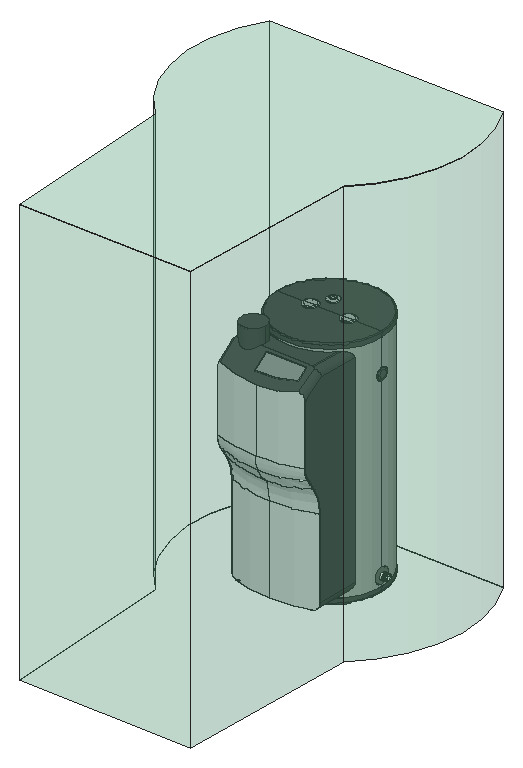
Revit family "Innovo FR_IR 20 200 FR LP", category Mechanical Equipment, Revit 2015
Parameters (values of type "IR-20-200 FR LP")
  largeur d'emballage = 786 mm  # constant formula
  l'Intervalle d'Entretien = "12 mois"  # constant formula
  Workspace Radius = Diameter + 170 mm  # 730 mm
  Workspace Height = Hauteur + 1000 mm  # 2270 mm
  Workspace Front Distance = 1000 mm
  Workspace [instance] = yes
  Valve Height 02 = if(and(Hauteur = 1745 mm, Diameter = 675 mm), 1518 mm, if(and(Hauteur = 1745 mm, Diameter = 610 mm), 1534 mm, if(Hauteur = 1545 mm, 1328 mm, 1070 mm)))  # 1070 mm
  Valve Height 01 = if(and(Diameter > 560 mm), 693 mm, 604 mm)  # 604 mm
  Valeur Maximale du Thermostat de Régulation = 85 °C  # constant formula
  Valeur Manimale du Thermostat de Régulation = 40 °C  # constant formula
  Valeur Défaut du Thermostat de Régulation = 65 °C  # constant formula
  URL = "www.aosmith.fr"
  Type d'Installation = "B23/C13/C33/C43/C53/C63"  # constant formula
  Type d'emballage = "Carton et bois"  # constant formula
  Tension d'Alimentation (-15%, +10%) = 230 V  # constant formula
  Température Maximale des Fumées = 45 °C
  Temps de réchauffement à ΔT = 70°C = "42"
  Temps de réchauffement à ΔT = 55°C = "34"
  Temps de réchauffement à ΔT = 50°C = "31"
  Temps de réchauffement à ΔT = 44°C = "27"
  Temps de réchauffement à ΔT = 28°C = "17"
  Spécifications du Produit = ""
  Réglages du thermostat du chauffe-eau = 65 °C  # constant formula
  Réglage Standard Pour = "G31"
  Rendement Saisonnier (Hs) = [Rendement (Hs, acc. NEN-EN 89 - 1999)]  # 96
  Rendement (Hs, acc. NEN-EN 89 - 1999) = 96
  Rendement (Hi, acc. NEN-EN 89 - 1999) = 107
  Raccord Évacuation de la Condensation = 40 mm  # constant formula
  Raccord de la Soupape de Vidange = 3/4"
  Raccord de Sortie d'Eau Chaude = 3/4"
  Raccord de Gaz = 15"  # constant formula
  Raccord d'Alimentation en Eau Froide = 3/4"  # constant formula
  Raccord Robinet de Vidange = 3/4"  # constant formula
  Puissance Électrique Absorbée (sommet) = 85 W
  Puissance Électrique Absorbée (nominal) = 25 W
  Profondeur d'emballage = 946 mm  # constant formula
  Profondeur = 780 mm  # constant formula
  Profils de soutirage déclaré = "XL"
  Production Nominale = "11400.0"
  Pression de Fonctionnement Maximale = 800000.0 Pa  # constant formula
  Pression Différentielle d'Ouverture de l'Interrupteur de Pression < = 115.0 Pa
  Pression Amont de Gaz = "3700 Pa"
  Precaustions during assembling, installation or maintenance = "voir Manuel d'installation, d'emploi er d'entretien"  # constant formula
  Poids à vide = 95 kg
  Poids de Transport = 114 kg
  Phase = 1
  Pertes en Veille - tous les jours (24h) = 0 W
  Pertes en Veille = 0 W
  Nombre de modèle du produit (EAN) = "8717449285920"
  Niveau du Son dB (A) = "<45"  # constant formula
  Niveau de puissance acoustique à l'intérieur = "41 dB"
  NOx-émissions mg/kWh = "23"
  NOx-émissions (ven air, 0% O2) ppm = "14"
  Modèdele = "IR-12-160"
  Model = "IR-12-160 FR LP"
  Marque commerciale = "A.O. Smith"  # constant formula
  Manufacturer = "A.O. Smith Water Products Company b.v."  # constant formula
  Largeur = Diameter  # 560 mm
  La commande intelligente = no
  L'efficacité énergétique pour le chauffage de l'eau (2) = "-"
  L'efficacité énergétique pour le chauffage de l'eau (1) = "92%"
  Hauteur du Raccordement au Gaz = 860 mm
  Hauteur de la Sortie d'eau Chaude = 1270 mm
  Hauteur de l'Alimentation en eau Froide = 170 mm
  Hauteur d'emballage = 1465 mm
  Hauteur Conduit d'Évacuation des Fumées = 1295 mm
  Hauteur Conduit d'Alimentation en Air = 1295 mm
  Hauteur = 1270 mm
  Guide de Produit = ""
  Garantie sur la Cuve = "36 mois"  # constant formula
  Garantie Pièces = "12 mois"  # constant formula
  Fréquence secteur = 50 Hz  # constant formula
  Forctionner qu'en heures creuses = no
  Fabricant No. = "E 7110"  # constant formula
  Epaisseur d'Isolation = 50 mm
  Débit de vidage à ΔT = 70°C après 90 min. = 270.0 L
  Débit de vidage à ΔT = 70°C après 60 min. = 200.0 L
  Débit de vidage à ΔT = 70°C après 30 min. = 120.0 L
  Débit de vidage à ΔT = 70°C après 120 min. = 340.0 L
  Débit de vidage à ΔT = 55°C après 90 min. = 370.0 L
  Débit de vidage à ΔT = 55°C après 60 min. = 270.0 L
  Débit de vidage à ΔT = 55°C après 30 min. = 180.0 L
  Débit de vidage à ΔT = 55°C après 120 min. = 460.0 L
  Débit de vidage à ΔT = 50°C après 90 min. = 410.0 L
  Débit de vidage à ΔT = 50°C après 60 min. = 310.0 L
  Débit de vidage à ΔT = 50°C après 30 min. = 210.0 L
  Débit de vidage à ΔT = 50°C après 120 min. = 510.0 L
  Débit de vidage à ΔT = 44°C après 90 min. = 480.0 L
  Débit de vidage à ΔT = 44°C après 60 min. = 360.0 L
  Débit de vidage à ΔT = 44°C après 30 min. = 250.0 L
  Débit de vidage à ΔT = 44°C après 120 min. = 590.0 L
  Débit de vidage à ΔT = 28°C après 90 min. = 780.0 L
  Débit de vidage à ΔT = 28°C après 60 min. = 600.0 L
  Débit de vidage à ΔT = 28°C après 30 min. = 420.0 L
  Débit de vidage à ΔT = 28°C après 120 min. = 960.0 L
  Débit de vidage en Continu à ΔT = 70°C = 150.0 L/s
  Débit de vidage en Continu à ΔT = 55°C = 190.0 L/s
  Débit de vidage en Continu à ΔT = 50°C = 200.0 L/s
  Débit de vidage en Continu à ΔT = 44°C = 230.0 L/s
  Débit de vidage en Continu à ΔT = 28°C = 360.0 L/s
  Diamètre Cheminée - Système Parallèle = "2x80"  # constant formula
  Diamètre Cheminée - Système Concentrique = "80/125 mm/mm"  # constant formula
  Diamètre Cheminée - Boiler = "80/125 mm/mm"  # constant formula
  Diameter = 560 mm
  Destination / Country = "France"  # constant formula
  Description = "Préparateur ECS Solaire en Combinaison avec Réservoir de Stockage"  # constant formula
  D'autres profils de soutirage = "-"
  Created By = "http://www.cadcompany.nl/"
  Consommation de Gaz - Volume ltr/hr = "a/p"
  Consommation de Gaz - Masse kg/h = "0.80"
  Class d'efficacité énergétique (2) = "-"
  Class d'efficacité énergétique (1) = "A"  # constant formula
  Charge Nominale (Valeur Supérieure) = "11800.0"
  Charge Nominale (Valeur Inférieure) = "10900.0"
  Charge Maximale au Sol = 274 kg
  Catégorie de Gaz = "II2Esi3P"  # constant formula
  Capacité = 160.0 L
  CO2 Émissions (tol. +/- 1.0) vol% = "10"
  CE-PIN = "0063CQ3037"  # constant formula
  BIM Content Developer = "CAD & Company"  # constant formula
  Assembly Code = "D3010"
  Annual fuel consumption (2) = "-"
  Annual fuel consumption (1) = "16 GJ GCV"
  Annual electricity consumption (2) = "-"
  Annual electricity consumption (1) = "38 kWh"
  2ème Entretien (Entretien Général) = "12 mois après l'installation"  # constant formula
  1er Entretien (check-up) = "3 mois après l'installation"  # constant formula
Reference planes
  plane 1 "Center (Front/Back)": y = 0
  plane 2: z = 0
  plane 3 "Center (Left/Right)": x = 0
  plane 4 "Pipe": through (-383.901, 912.349, 194.799) normal (-0.0879, -0.0879, 0.9923)
  plane 5 "footing": y = 118.925
  plane 6 "footing front": y = -237.85
  plane 7: x = -280
  plane 8: x = 280
  plane 9: z = 1270
Forms (mm)
  Revolve 1, solid, material "RAL 9005", detail levels medium+fine
    sketch origin (0, -237.85, 0) x (-1, 0, 0) y (0, 0, 1)
      loop
        line (0, 28.9) -> (-15, 28.9) -> (-15, 26.4) -> (-8.671, 26.4) -> (-8.671, 18) -> (-5.686, 18) -> (-6.626, 17.06) -> (-6.626, 12.06) -> (-8.671, 12.06) -> (-8.671, 10) -> (-10.031, 10) -> (-23.271, 5.181)
        arc (-23.271, 5.181) -> (-23.763, 4.836) -> (-24.017, 4.293) r 1.159
        line (-24.017, 4.293) -> (-24.017, 1.03)
        arc (-24.017, 1.03) -> (-23.715, 0.302) -> (-22.986, 0) r 1.03
        line (-22.986, 0) -> (0, 0) -> (0, 28.9)
      axis (0, 28.9) -> (0, 0)
    angle from 0 to 360
  Revolve 2, solid, material "RAL 9005", detail levels medium+fine
    sketch origin (0, 118.925, 0) x (-1, 0, 0) y (0, 0, 1)
      loop
        line (-180.984, 28.9) -> (-195.984, 28.9) -> (-195.984, 26.4) -> (-189.655, 26.4) -> (-189.655, 18) -> (-186.67, 18) -> (-187.61, 17.06) -> (-187.61, 12.06) -> (-189.655, 12.06) -> (-189.655, 10) -> (-191.015, 10) -> (-204.256, 5.181)
        arc (-204.256, 5.181) -> (-204.747, 4.836) -> (-205.001, 4.293) r 1.159
        line (-205.001, 4.293) -> (-205.001, 1.03)
        arc (-205.001, 1.03) -> (-204.699, 0.302) -> (-203.971, 0) r 1.03
        line (-203.971, 0) -> (-180.984, 0) -> (-180.984, 28.9)
      axis (-180.984, 28.9) -> (-180.984, 0)
    angle from 0 to 360
  Revolve 3, solid, material "RAL 9005", detail levels medium+fine
    sketch origin (0, 118.925, 0) x (-1, 0, 0) y (0, 0, 1)
      loop
        line (179.016, 28.9) -> (164.016, 28.9) -> (164.016, 26.4) -> (170.345, 26.4) -> (170.345, 18) -> (173.33, 18) -> (172.39, 17.06) -> (172.39, 12.06) -> (170.345, 12.06) -> (170.345, 10) -> (168.985, 10) -> (155.744, 5.181)
        arc (155.744, 5.181) -> (155.253, 4.836) -> (154.999, 4.293) r 1.159
        line (154.999, 4.293) -> (154.999, 1.03)
        arc (154.999, 1.03) -> (155.301, 0.302) -> (156.029, 0) r 1.03
        line (156.029, 0) -> (179.016, 0) -> (179.016, 28.9)
      axis (179.016, 28.9) -> (179.016, 0)
    angle from 0 to 360
Lines and regions (mm)
  symbolic lines
    curve 1: line (0, 280.06, 0) -> (0, -280.06, 0)
    curve 2: line (-255.06, 0, 0) -> (255.06, 0, 0)
  symbolic lines, style "Workspace"
    curve 3: line (623.261, 380.06, 0) -> (-623.261, 380.06, 0)
    curve 4: arc (-623.261, 380.06, 0) -> (-726.942, -66.745, 0) -> (-543.632, -487.2, 0) r 730
    curve 5: line (-543.632, -487.2, 0) -> (-396.783, -1492.825, 0)
    curve 6: line (-396.783, -1492.825, 0) -> (399.03, -1492.825, 0)
    curve 7: line (399.03, -1492.825, 0) -> (545.76, -484.816, 0)
    curve 8: arc (545.76, -484.816, 0) -> (727.087, -65.154, 0) -> (623.261, 380.06, 0) r 730
Dimensions and locks
  plane 5 "footing" to plane 1 "Center (Front/Back)" = 118.925 mm
  plane 1 "Center (Front/Back)" to plane 6 "footing front" = 237.85 mm
  "Diameter": plane 7 to plane 8
  equal spacing: plane 7, plane 3 "Center (Left/Right)", plane 8
  "Hauteur": plane 9 to plane 2
  "Workspace Front Distance": curve 6 to nested 3
  "Workspace Radius": radius of curve 4
  "Workspace Radius": radius of curve 8
  aligned and locked: level to plane 2
  aligned and locked: nested 3 to Revolve 1 sketch curve
  aligned and locked: plane 3 "Center (Left/Right)" to Revolve 1 sketch curve
  aligned and locked: nested 3 to plane 1 "Center (Front/Back)"
  aligned and locked: plane 3 "Center (Left/Right)" to nested 3
  aligned and locked: nested 1 to plane 8
  aligned and locked: nested 5 to plane 8
  aligned and locked: nested 2 to plane 7
  aligned and locked: nested 4 to plane 7
  aligned and locked: nested 7 to plane 7
  aligned and locked: nested 8 to plane 3 "Center (Left/Right)"
  aligned and locked: nested 8 to nested 3
  aligned and locked: curve 3 to nested 8
Automatic sketch dimensions
  Revolve 1 sketch curve to level = 0 mm
  plane 3 "Center (Left/Right)" to Revolve 1 sketch curve = 5.686 mm
  Revolve 1 sketch curve to Revolve 1 sketch curve = 0.94 mm  (x2)
  Revolve 1 sketch curve to Revolve 1 sketch curve = 2.046 mm  (x2)
  Revolve 1 sketch curve to Revolve 1 sketch curve = 1.359 mm
  Revolve 1 sketch curve to Revolve 1 sketch curve = 6.329 mm
  level to Revolve 1 sketch curve = 4.091 mm
  Revolve 1 sketch curve to Revolve 1 sketch curve = 12.844 mm
  level to Revolve 1 sketch curve = 1.03 mm
  Revolve 1 sketch curve to Revolve 1 sketch curve = 0.111 mm
  level to Revolve 1 sketch curve = 5.181 mm
  Revolve 1 sketch curve to Revolve 1 sketch curve = 0.745 mm
  level to Revolve 1 sketch curve = 10 mm
  Revolve 1 sketch curve to Revolve 1 sketch curve = 2.06 mm
  Revolve 1 sketch curve to Revolve 1 sketch curve = 5 mm
  Revolve 1 sketch curve to Revolve 1 sketch curve = 8.4 mm
  Revolve 1 sketch curve to Revolve 1 sketch curve = 2.5 mm
  Revolve 1 sketch curve to level = 19.635 mm
  Revolve 1 sketch curve to Revolve 1 sketch curve = 46.465 mm
  Revolve 2 sketch curve to level = 0 mm
  level to Revolve 2 sketch curve = 1.03 mm
  Revolve 2 sketch curve to plane 8 = 74.999 mm
  level to Revolve 2 sketch curve = 5.181 mm
  Revolve 2 sketch curve to Revolve 2 sketch curve = 0.745 mm
  Revolve 2 sketch curve to Revolve 2 sketch curve = 0.397 mm
  Revolve 2 sketch curve to Revolve 2 sketch curve = 8.271 mm
  Revolve 2 sketch curve to Revolve 2 sketch curve = 13.241 mm
  Revolve 2 sketch curve to Revolve 2 sketch curve = 1.359 mm
  Revolve 2 sketch curve to Revolve 2 sketch curve = 6.329 mm
  Revolve 2 sketch curve to Revolve 2 sketch curve = 2.046 mm
  level to Revolve 2 sketch curve = 18 mm
  Revolve 2 sketch curve to Revolve 2 sketch curve = 0.94 mm  (x2)
  Revolve 2 sketch curve to Revolve 2 sketch curve = 8.671 mm
  Revolve 2 sketch curve to Revolve 2 sketch curve = 1.089 mm
  Revolve 2 sketch curve to Revolve 2 sketch curve = 8 mm
  Revolve 2 sketch curve to Revolve 2 sketch curve = 2.06 mm
  Revolve 2 sketch curve to Revolve 2 sketch curve = 8.4 mm
  Revolve 2 sketch curve to Revolve 2 sketch curve = 2.5 mm
  Revolve 2 sketch curve to Revolve 2 sketch curve = 0 mm
  Revolve 2 sketch curve to level = 19.635 mm
  Revolve 2 sketch curve to Revolve 2 sketch curve = 46.465 mm
  Revolve 3 sketch curve to level = 0 mm
  level to Revolve 3 sketch curve = 1.03 mm
  Revolve 3 sketch curve to plane 7 = 125.001 mm
  level to Revolve 3 sketch curve = 5.181 mm
  Revolve 3 sketch curve to Revolve 3 sketch curve = 0.745 mm
  Revolve 3 sketch curve to Revolve 3 sketch curve = 0.397 mm
  Revolve 3 sketch curve to Revolve 3 sketch curve = 8.271 mm
  Revolve 3 sketch curve to Revolve 3 sketch curve = 13.241 mm
  Revolve 3 sketch curve to Revolve 3 sketch curve = 1.359 mm
  Revolve 3 sketch curve to Revolve 3 sketch curve = 6.329 mm
  Revolve 3 sketch curve to Revolve 3 sketch curve = 2.046 mm
  level to Revolve 3 sketch curve = 18 mm
  Revolve 3 sketch curve to Revolve 3 sketch curve = 0.94 mm  (x2)
  Revolve 3 sketch curve to Revolve 3 sketch curve = 8.671 mm
  Revolve 3 sketch curve to Revolve 3 sketch curve = 1.089 mm
  Revolve 3 sketch curve to Revolve 3 sketch curve = 8 mm
  Revolve 3 sketch curve to Revolve 3 sketch curve = 2.06 mm
  Revolve 3 sketch curve to Revolve 3 sketch curve = 8.4 mm
  Revolve 3 sketch curve to Revolve 3 sketch curve = 2.5 mm
  Revolve 3 sketch curve to Revolve 3 sketch curve = 0 mm
  Revolve 3 sketch curve to level = 19.635 mm
  Revolve 3 sketch curve to Revolve 3 sketch curve = 46.465 mm
  curve 4 to curve 8 = 0 mm  (x2)
  plane 1 "Center (Front/Back)" to curve 2 = 0 mm
  curve 1 to plane 3 "Center (Left/Right)" = 0 mm
  plane 1 "Center (Front/Back)" to curve 4 = 0 mm
  curve 4 to plane 3 "Center (Left/Right)" = 0 mm
  curve 5 to plane 6 "footing front" = 249.35 mm
  plane 7 to curve 5 = 116.783 mm
  plane 8 to curve 7 = 119.03 mm
  curve 7 to plane 6 "footing front" = 246.966 mm
  curve 2 to plane 7 = 24.94 mm
  curve 2 to plane 8 = 24.94 mm
  curve 1 to plane 6 "footing front" = 42.21 mm
  plane 5 "footing" to curve 1 = 161.135 mm
Nested families
  nested 1: "Valve" at (280, -0.38, 1070) x (0, 1, 0) z (0, 0, 1), built-in parameter 1001364 <- "Valve Height 02", type "Valve"
  nested 2: "Drain Valve" at (-280, 0, 1070), built-in parameter 1001364 <- "Valve Height 02", type "Drain Valve"
  nested 3: "Housing Mother Housing S 57 (external)" at (0, -274.886, 0), type "Housing Mother_Housing S_57"
  nested 4: "Drain Valve" at (-280, 0, 177), type "Drain Valve"
  nested 5: "Drain Valve" at (280, 0, 107) x (-1, 0, 0) z (0, 0, 1), type "Drain Valve"
  nested 6: "Boiler" at (0, 0, 0), height <- "Hauteur", type "Boiler"
    with height 1270 mm
  nested 7: "Drain Valve" at (-280, 0, 604), built-in parameter 1001364 <- "Valve Height 01", type "Drain Valve"
  nested 8: "Innovo_workspace" at (0, 0, 0), Workspace Distance Front <- "Workspace Front Distance", Workspace <- "Workspace", Workspace Height <- "Workspace Height", Workspace Radius <- "Workspace Radius", type "Workspace"
    with Workspace Radius 730 mm, Workspace Height 2270 mm, Workspace Distance Front 1000 mm, Workspace yes, Center to Front 492.825 mm
Connectors
  piping at (314.826, 0, 107), diameter 19.05, driven by "Raccord Robinet de Vidange"
    settings: on nested 5, index 1, connector inside diameter 24", connector length 0 mm, flow factor 0, pipe flow 0.0 L/s, pressure drop 0.0 Pa, fitting loss kfactor 0, connector angle 0.00°, fixture units 0, engagement length 0 mm, angle of deflection 0.00°, flow configuration 0, flow direction 0, fitting loss method 0, system type 19, joint type 0, gender type 0, connector reference index -1, connector utility 0, adjustable connector no, is connector primary yes, connector description ""
  hvac at (-147.013, -321.326, 1310.674)
    settings: on nested 3, index 2, duct flow 0.0 L/s, flow factor 0, pres drop 0.0 Pa, loss coef 0, conn angle 0.00°, conn width 304.8 mm, conn height 304.8 mm, conn diameter 125 mm, duct sys type 4, conn prof type 0, flow config 0, flow direction 0, loss method 0, conn ref index -1, conn util no, is conn primary yes, conn desc ""
Definition of nested family "Valve"
  Parameters (values of type "Valve")
    Type Comments = "T&P valve (internal)"
    Manufacturer = "A.O. Smith"
  Reference planes
    plane 1 "Center (Front/Back)": y = 0
    plane 2: z = 0
    plane 3 "Center (Left/Right)": x = 0
  Forms (mm)
    Extrusion 1, solid, detail levels fine
      sketch origin (0, 0, 0) x (1, 0, 0) y (0, 0, 1)
        loop
          circle (0, 0) r 31.5
      from -2.271 to 1.4
    Sweep 2, solid, detail levels fine
      path origin (0, -1.4, 0) x (1, 0, 0) y (0, 0, 1)
        loop
          circle (0, 0) r 31.5
      profile origin (0, -1.4, 31.5) x (0, 0, -1) y (0, -1, 0)
        loop
          line (7.3, 0) -> (7.3, 3) -> (0, 0) -> (7.3, 0)
  Dimensions and locks
    aligned and locked: level to plane 2
Definition of nested family "Drain Valve"
  Reference planes
    plane 1 "Center (Front/Back)": y = 0
    plane 2: z = 0
    plane 3 "Center (Left/Right)": x = 0
  Forms (mm)
    Revolve 1, solid, detail levels medium+fine
      sketch origin (0, 0, 0) x (1, 0, 0) y (0, 0, 1)
        loop
          line (-33.442, 15.696) -> (-34.826, 14.329) -> (-34.93, 12.731) -> (-16.555, 12.731) -> (-16.555, 0) -> (15.787, 0) -> (15.787, 18.3) -> (-14.4, 18.3) -> (-17.148, 15.533) -> (-18.729, 16.697) -> (-20.091, 15.333) -> (-21.672, 16.496) -> (-23.034, 15.133) -> (-24.614, 16.296) -> (-25.976, 14.932) -> (-27.557, 16.096) -> (-28.919, 14.732) -> (-30.5, 15.896) -> (-31.862, 14.532) -> (-33.442, 15.696)
        axis (-34.93, 0) -> (15.787, 0)
      angle from 0 to 360
  Dimensions and locks
    aligned and locked: level to plane 2
  Nested families
    nested 1: "Rubber sealing" at (2.592, -0.155, 0) x (0.0023, -1, 0) z (0, 0, 1), type "Rubber sealing", detail levels fine
  Definition of nested family "Rubber sealing"
    Reference planes
      plane 1 "Center (Front/Back)": y = 0
      plane 2: z = 0
      plane 3 "Center (Left/Right)": x = 0
    Forms (mm)
      Extrusion 1, solid, detail levels fine
        sketch origin (141.861, 319.581, 0) x (1, 0, 0) y (0, 1, 0)
          loop
            line (-216.354, -311.898) -> (-216.354, -313.94)
            arc (-216.354, -313.94) -> (-141.602, -321.581) -> (-66.861, -313.835) r 366.966
            line (-66.861, -313.835) -> (-66.861, -311.791)
            arc (-66.861, -311.791) -> (-141.602, -319.581) -> (-216.354, -311.898) r 364.966
        from -80 to 80
      Extrusion 2, void
        sketch origin (141.861, 319.581, 0) x (1, 0, 0) y (0, 0, 1)
          loop
            circle (-141.861, 0) r 13
          loop
            circle (-141.861, 0) r 110
          loop
            circle (-141.861, 0) r 40
        from 311.563 to 332.684
      Extrusion 3, void
        sketch origin (141.861, 319.581, 0) x (1, 0, 0) y (0, 0, 1)
          loop
            circle (-141.861, 0) r 18.25
        from 315.524 to 326.084
    Cuts and joins
      Extrusion 2, Extrusion 3 cuts Extrusion 1
    Dimensions and locks
      aligned and locked: level to plane 2
Definition of nested family "Housing Mother Housing S 57 (external)"
  Parameters (values of type "Housing Mother_Housing S_57")
    radius [instance] = 280 mm
    distance to boiler center = if(diameter = 675 mm, 189 mm, if(diameter = 610 mm, 154 mm, 129 mm))  # 129 mm
    diameter = 560 mm
  Reference planes
    plane 1 "Center (Front/Back)": y = 0
    plane 2: z = 0
    plane 3 "Center (Left/Right)": x = 0
    plane 4 "left": through (-245.286, 145.886, 1200) normal (0.9994, 0.0349, 0)
    plane 5: y = -217.939
    plane 6: y = 145.886
    plane 7: z = 1232.6
    plane 8: z = 65.89
    plane 9 "right": through (245.286, 145.886, 1200) normal (0.9994, -0.0349, 0)
    plane 10 "display": through (0, -90.37, 1221.196) normal (0, -0.5736, 0.8192)
    plane 11 "Potentiostat": z = 867.899
    plane 12 "boiler center": y = 274.886
    plane 13: x = -280
    plane 14: x = 280
  Forms (mm)
    Extrusion 1, solid
      sketch origin (0, 0, 0) x (1, 0, 0) y (0, 1, 0)
        loop
          line (-245.286, 145.886) -> (-232.581, -217.939) -> (232.581, -217.939) -> (245.286, 145.886)
          arc (245.286, 145.886) -> (0, 0.923) -> (-245.286, 145.886) r 280
      from 0 to 1232.6
    Sweep 2, void
      path origin (0, 0, 0) x (0, 1, 0) y (0, 0, 1)
        loop
          line (-217.939, 1232.6) -> (-217.939, 795.555)
          arc (-217.939, 795.555) -> (-212.387, 754.285) -> (-197.694, 715.322) r 183.924
          arc (-197.694, 715.322) -> (-179.915, 684.628) -> (-159.106, 655.901) r 348.284
          arc (-159.106, 655.901) -> (-131.411, 600.328) -> (-121.88, 538.973) r 202.254
          line (-121.88, 538.973) -> (-121.88, 61.106)
      profile origin (0, -217.939, 1014.077) x (1, 0, 0) y (0, 1, 0)
        loop
          arc (0, 0) -> (-117.533, 9.941) -> (-231.728, 39.475) r 699.984
          arc (-231.728, 39.475) -> (-233.391, 40.705) -> (-234.07, 42.659) r 3.505
          line (-234.07, 42.659) -> (-254.062, 42.659) -> (-254.062, -142.593) -> (254.07, -142.593) -> (254.07, 42.659) -> (234.07, 42.659)
          arc (234.07, 42.659) -> (233.391, 40.705) -> (231.728, 39.475) r 3.505
          arc (231.728, 39.475) -> (117.533, 9.941) -> (0, 0) r 699.984
    Extrusion 3, void
      sketch origin (0, 0, 0) x (0, 1, 0) y (0, 0, 1)
        loop
          arc (102.864, 70.869) -> (99.804, 70.709) -> (96.874, 69.813) r 12.57
          arc (96.874, 69.813) -> (87.878, 66.533) -> (78.516, 64.529) r 69.114
          arc (78.516, 64.529) -> (76.41, 64.284) -> (74.294, 64.148) r 41.206
          arc (74.294, 64.148) -> (65.203, 64.335) -> (56.122, 64.782) r 318.661
          arc (56.122, 64.782) -> (30.585, 66.179) -> (5.028, 67.128) r 1456.581
          line (5.028, 67.128) -> (-84.534, 73.135)
          arc (-84.534, 73.135) -> (-86.363, 73.808) -> (-87.536, 75.365) r 3.455
          line (-87.536, 75.365) -> (-264.473, 75.365) -> (-264.473, 0) -> (160.886, 0) -> (160.886, 103.945) -> (145.886, 103.945)
          arc (145.886, 103.945) -> (145.104, 97.827) -> (142.923, 92.059) r 26.364
          arc (142.923, 92.059) -> (141.067, 88.936) -> (138.867, 86.045) r 31.715
          arc (138.867, 86.045) -> (135.576, 82.49) -> (132.021, 79.2) r 62.615
          arc (132.021, 79.2) -> (125.841, 74.697) -> (119.091, 71.103) r 54.444
          arc (119.091, 71.103) -> (116.371, 70.272) -> (113.531, 70.123) r 11.669
          line (113.531, 70.123) -> (102.864, 70.869)
      from -254.062 to 254.07
    Sweep 4, void
      path origin (0, 0, 0) x (1, 0, 0) y (0, 1, 0)
        loop
          line (-245.286, 145.886) -> (-232.581, -217.939)
      profile origin (-238.933, -36.027, 0) x (0.999391, 0.034899, 0) y (0, 0, 1)
        loop
          line (-4.454, 0) -> (47.084, 0) -> (47.084, 73.431)
          arc (47.084, 73.431) -> (14.222, 85.134) -> (0.255, 117.1) r 43.922
          line (0.255, 117.1) -> (-4.454, 117.1) -> (-4.454, 0)
    Sweep 5, void
      path origin (0, 0, 0) x (-1, 0, 0) y (0, 1, 0)
        loop
          line (-245.286, 145.886) -> (-232.581, -217.939)
      profile origin (238.933, -36.027, 0) x (0.999391, -0.034899, 0) y (0, 0, 1)
        loop
          line (4.454, 0) -> (4.454, 117.1) -> (-0.255, 117.1)
          arc (-0.255, 117.1) -> (-14.222, 85.134) -> (-47.084, 73.431) r 43.922
          line (-47.084, 73.431) -> (-47.084, 0) -> (4.454, 0)
    Sweep 6, void
      path origin (-239.899, -8.377, 0) x (-0.034899, 0.999391, 0) y (0, 0, 1)
        loop
          line (-209.69, 1141.272) -> (-79.18, 1232.6) -> (154.358, 1232.6)
      profile origin (-241.211, 29.188, 1232.6) x (0, 0, 1) y (0.999391, 0.034899, 0)
        loop
          line (-45, -30) -> (75, -30) -> (75, 0) -> (75, 55) -> (2.799, 55) -> (-1.253, 35.128)
          arc (-1.253, 35.128) -> (-16.771, 9.564) -> (-45, -0.308) r 44.287
          line (-45, -0.308) -> (-45, -30)
    Sweep 7, void
      path origin (239.899, -8.377, 0) x (0.034899, 0.999391, 0) y (0, 0, 1)
        loop
          line (-209.69, 1141.272) -> (-79.18, 1232.6) -> (154.358, 1232.6)
      profile origin (241.211, 29.188, 1232.6) x (0, 0, -1) y (-0.999391, 0.034899, 0)
        loop
          line (-75, -25) -> (45, -25) -> (45, -0.308)
          arc (45, -0.308) -> (16.771, 9.564) -> (1.253, 35.128) r 44.287
          line (1.253, 35.128) -> (-2.799, 55) -> (-75, 55) -> (-75, -25)
    Extrusion 8, void
      sketch origin (0, 0, 0) x (0, 1, 0) y (0, 0, 1)
        loop
          line (-270, 1336.099) -> (-270, 1099.081) -> (68.497, 1336.099) -> (-270, 1336.099)
      from -425.038 to 444.42
    Extrusion 9, solid, detail levels medium+fine
      sketch origin (0, 0, 0) x (1, 0, 0) y (0, 1, 0)
        loop
          circle (-147.013, -46.44) r 65
      from 1163.174 to 1310.674
    Extrusion 10, void
      sketch origin (0, -603.506, 861.895) x (0, 0.819152, 0.573576) y (-1, 0, 0)
        loop
          arc (618.322, -173) -> (623.272, -170.95) -> (625.322, -166) r 7
          line (625.322, -166) -> (625.322, 35)
          arc (625.322, 35) -> (623.272, 39.95) -> (618.322, 42) r 7
          line (618.322, 42) -> (535.473, 42)
          arc (535.473, 42) -> (530.688, 40.11) -> (528.488, 35.46) r 7
          arc (528.488, 35.46) -> (531.569, -67.592) -> (554.18, -168.18) r 540
          arc (554.18, -168.18) -> (556.724, -171.668) -> (560.831, -173) r 7
          line (560.831, -173) -> (618.322, -173)
      from 0 to 137.286
    Sweep 11, solid, detail levels fine
      path origin (0, 0, 867.899) x (-1, 0, 0) y (0, -1, 0)
        loop
          line (309.749, -35.617) -> (204.371, -35.617)
          arc (204.371, -35.617) -> (196.509, -34.687) -> (189.082, -31.947) r 33.677
          line (189.082, -31.947) -> (-9.574, 69.274)
      profile origin (-257.06, 35.617, 867.899) x (0, 1, 0) y (0, 0, 1)
        loop
          circle (0, 0) r 7.316
        loop
          circle (0, 0) r 6.465
    Revolve 12, void
      sketch origin (0, 274.886, 0) x (-1, 0, 0) y (0, 0, 1)
        loop
          line (280, 1243.838) -> (0, 1243.838) -> (0, 54.9) -> (280, 54.9) -> (280, 1243.838)
        axis (0, 1243.838) -> (0, 54.9)
      angle from 0 to 360
  Cuts and joins
    Sweep 2, Extrusion 3, Sweep 4, Sweep 5, Sweep 6, Sweep 7, Extrusion 8, Extrusion 10, Revolve 12 cuts Extrusion 1
  Dimensions and locks
    plane 8 to plane 2 = 65.89 mm
    plane 7 to plane 8 = 1166.71 mm
    "distance to boiler center": plane 12 "boiler center" to plane 6
    "diameter": plane 14 to plane 13
    equal spacing: plane 14, plane 3 "Center (Left/Right)", plane 13
    "radius": plane 3 "Center (Left/Right)" to plane 13
    aligned and locked: level to plane 2
    aligned and locked: Extrusion 1 to plane 7
    aligned and locked: Extrusion 1 sketch curve to plane 5
    aligned and locked: Sweep 2 to Extrusion 3
    aligned and locked: Extrusion 3 to Sweep 2  (x2)
    aligned and locked: plane 7 to Sweep 2 sketch curve
    aligned and locked: plane 3 "Center (Left/Right)" to Revolve 12 sketch curve
    aligned and locked: Revolve 12 sketch curve to plane 3 "Center (Left/Right)"
    aligned and locked: plane 13 to Revolve 12 sketch curve
  Automatic sketch dimensions
    Extrusion 1 sketch curve to plane 4 "left" = 0 mm  (x2)
    Extrusion 1 sketch curve to plane 6 = 0 mm  (x2)
    Extrusion 1 sketch curve to plane 3 "Center (Left/Right)" = 0 mm
    Extrusion 1 sketch curve to plane 9 "right" = 0 mm
    plane 6 to Extrusion 1 sketch curve = 135.037 mm
    Sweep 2 sketch curve to plane 5 = 0 mm
    plane 5 to Sweep 2 sketch curve = 106.195 mm
    Sweep 2 sketch curve to plane 5 = 96.059 mm
    plane 1 "Center (Front/Back)" to Sweep 2 sketch curve = 34.053 mm
    plane 11 "Potentiostat" to Sweep 2 sketch curve = 6.417 mm
    Sweep 2 sketch curve to plane 6 = 33.705 mm
    Sweep 2 sketch curve to plane 11 "Potentiostat" = 68.615 mm
    Sweep 2 sketch curve to plane 11 "Potentiostat" = 72.345 mm
    Sweep 2 sketch curve to Sweep 2 sketch curve = 176.349 mm
    Sweep 2 sketch curve to Sweep 2 sketch curve = 0 mm  (x2)
    plane 8 to Sweep 2 sketch curve = 4.784 mm
    Extrusion 3 sketch curve to level = 0 mm
    Extrusion 3 sketch curve to plane 6 = 0 mm
    Extrusion 3 sketch curve to plane 6 = 26.363 mm
    Extrusion 3 sketch curve to Extrusion 3 sketch curve = 4.75 mm
    Extrusion 3 sketch curve to Extrusion 3 sketch curve = 5.179 mm
    Extrusion 3 sketch curve to plane 8 = 4.232 mm
    Extrusion 3 sketch curve to Extrusion 3 sketch curve = 0.814 mm
    Extrusion 3 sketch curve to plane 8 = 4.978 mm
    Extrusion 3 sketch curve to Extrusion 3 sketch curve = 10.667 mm
    Extrusion 3 sketch curve to Extrusion 3 sketch curve = 0.877 mm
    Extrusion 3 sketch curve to Extrusion 3 sketch curve = 17.827 mm
    Extrusion 3 sketch curve to Extrusion 3 sketch curve = 5.646 mm
    Extrusion 3 sketch curve to plane 6 = 69.562 mm
    Extrusion 3 sketch curve to Extrusion 3 sketch curve = 18.6 mm
    Extrusion 3 sketch curve to Extrusion 3 sketch curve = 22.538 mm
    Extrusion 3 sketch curve to plane 8 = 1.238 mm
    Extrusion 3 sketch curve to plane 1 "Center (Front/Back)" = 5.028 mm
    plane 1 "Center (Front/Back)" to Extrusion 3 sketch curve = 36.224 mm
    Extrusion 3 sketch curve to plane 8 = 10.692 mm
    plane 1 "Center (Front/Back)" to Extrusion 3 sketch curve = 84.302 mm
    Extrusion 3 sketch curve to plane 8 = 7.244 mm
    Extrusion 3 sketch curve to Extrusion 3 sketch curve = 0.231 mm
    Extrusion 3 sketch curve to Extrusion 3 sketch curve = 3.234 mm
    plane 5 to Extrusion 3 sketch curve = 46.534 mm
    plane 6 to Extrusion 3 sketch curve = 15 mm
    Extrusion 3 sketch curve to level = 1388.869 mm
    plane 8 to Extrusion 3 sketch curve = 7.561 mm
    Extrusion 3 sketch curve to Extrusion 3 sketch curve = 11.64 mm
    Extrusion 3 sketch curve to plane 8 = 38.054 mm
    Extrusion 3 sketch curve to Extrusion 3 sketch curve = 22.442 mm
    Extrusion 3 sketch curve to plane 8 = 39.432 mm
    Extrusion 3 sketch curve to Extrusion 3 sketch curve = 2.466 mm
    Extrusion 3 sketch curve to Extrusion 3 sketch curve = 14.17 mm
    Extrusion 3 sketch curve to Extrusion 3 sketch curve = 5.925 mm
    Extrusion 3 sketch curve to Extrusion 3 sketch curve = 6.186 mm
    Extrusion 3 sketch curve to Extrusion 3 sketch curve = 249.85 mm
    Extrusion 3 sketch curve to Extrusion 3 sketch curve = 0 mm  (x4)
    Extrusion 3 sketch curve to Extrusion 3 sketch curve = 6.845 mm
    plane 8 to Extrusion 3 sketch curve = 1.743 mm
    Sweep 4 sketch curve to plane 4 "left" = 0 mm  (x2)
    Sweep 4 sketch curve to plane 6 = 0 mm
    plane 5 to Sweep 4 sketch curve = 0 mm
    Sweep 4 sketch curve to level = 0 mm
    profile plane to Sweep 4 sketch curve = 4.454 mm
    Sweep 4 sketch curve to profile plane = 0.255 mm
    Sweep 4 sketch curve to Sweep 4 sketch curve = 43.922 mm
    Sweep 4 sketch curve to profile plane = 47.084 mm
    level to Sweep 4 sketch curve = 73.431 mm
    Sweep 4 sketch curve to Sweep 4 sketch curve = 43.669 mm
    Sweep 5 sketch curve to plane 6 = 0 mm
    Sweep 5 sketch curve to plane 9 "right" = 0 mm  (x2)
    plane 5 to Sweep 5 sketch curve = 0 mm
    Sweep 5 sketch curve to level = 0 mm
    profile plane to Sweep 5 sketch curve = 47.084 mm
    Sweep 5 sketch curve to Sweep 5 sketch curve = 2.907 mm
    profile plane to Sweep 5 sketch curve = 0.255 mm
    Sweep 5 sketch curve to profile plane = 4.454 mm
    level to Sweep 5 sketch curve = 73.431 mm
    Sweep 5 sketch curve to Sweep 5 sketch curve = 43.669 mm
    Sweep 6 sketch curve to plane 7 = 0 mm
    plane 7 to Sweep 6 sketch curve = 91.328 mm
    Sweep 6 sketch curve to Sweep 6 sketch curve = 130.509 mm
    Sweep 6 sketch curve to Sweep 6 sketch curve = 233.538 mm
    Sweep 6 sketch curve to plane 4 "left" = 0 mm
    profile plane to Sweep 6 sketch curve = 45 mm
    Sweep 6 sketch curve to Sweep 6 sketch curve = 0.354 mm
    profile plane to Sweep 6 sketch curve = 1.253 mm
    Sweep 6 sketch curve to profile plane = 2.799 mm
    Sweep 6 sketch curve to Sweep 6 sketch curve = 72.201 mm
    Sweep 6 sketch curve to plane 4 "left" = 0.308 mm
    Sweep 6 sketch curve to Sweep 6 sketch curve = 29.692 mm
    plane 4 "left" to Sweep 6 sketch curve = 35.128 mm
    plane 4 "left" to Sweep 6 sketch curve = 55 mm
    Sweep 7 sketch curve to plane 7 = 0 mm
    Sweep 7 sketch curve to plane 7 = 91.328 mm
    Sweep 7 sketch curve to Sweep 7 sketch curve = 130.509 mm
    Sweep 7 sketch curve to Sweep 7 sketch curve = 233.538 mm
    Sweep 7 sketch curve to plane 9 "right" = 25 mm
    profile plane to Sweep 7 sketch curve = 75 mm
    profile plane to Sweep 7 sketch curve = 2.799 mm
    Sweep 7 sketch curve to profile plane = 1.253 mm
    Sweep 7 sketch curve to Sweep 7 sketch curve = 43.393 mm
    Sweep 7 sketch curve to profile plane = 45 mm
    Sweep 7 sketch curve to plane 9 "right" = 0.308 mm
    plane 9 "right" to Sweep 7 sketch curve = 35.128 mm
    Sweep 7 sketch curve to Sweep 7 sketch curve = 19.872 mm
    plane 5 to Extrusion 8 sketch curve = 52.061 mm
    Extrusion 8 sketch curve to plane 1 "Center (Front/Back)" = 68.497 mm
    plane 7 to Extrusion 8 sketch curve = 133.519 mm
    Extrusion 8 sketch curve to plane 7 = 103.499 mm
    plane 1 "Center (Front/Back)" to Extrusion 9 sketch curve = 46.44 mm
    Extrusion 9 sketch curve to plane 3 "Center (Left/Right)" = 147.013 mm
    Extrusion 10 sketch curve to plane 3 "Center (Left/Right)" = 0 mm
    Extrusion 10 sketch curve to plane 3 "Center (Left/Right)" = 35 mm
    Extrusion 10 sketch curve to Extrusion 10 sketch curve = 25.359 mm
    Extrusion 10 sketch curve to Extrusion 10 sketch curve = 57.491 mm
    Extrusion 10 sketch curve to plane 3 "Center (Left/Right)" = 42 mm
    Extrusion 10 sketch curve to Extrusion 10 sketch curve = 82.85 mm
    Extrusion 10 sketch curve to Extrusion 10 sketch curve = 7 mm
    Extrusion 10 sketch curve to Extrusion 10 sketch curve = 442 mm
    plane 3 "Center (Left/Right)" to Extrusion 10 sketch curve = 166 mm
    Extrusion 10 sketch curve to Extrusion 10 sketch curve = 0 mm  (x2)
    Sweep 11 sketch curve to plane 1 "Center (Front/Back)" = 31.947 mm
    Sweep 11 sketch curve to plane 3 "Center (Left/Right)" = 189.082 mm
    Sweep 11 sketch curve to plane 1 "Center (Front/Back)" = 1.94 mm
    Sweep 11 sketch curve to Sweep 11 sketch curve = 15.289 mm
    plane 3 "Center (Left/Right)" to Sweep 11 sketch curve = 9.574 mm
    Sweep 11 sketch curve to Sweep 11 sketch curve = 105.378 mm
    plane 1 "Center (Front/Back)" to Sweep 11 sketch curve = 69.274 mm
    Sweep 11 sketch curve to Sweep 11 sketch curve = 0 mm  (x2)
    Sweep 11 sketch curve to plane 11 "Potentiostat" = 0 mm
    Sweep 11 sketch curve to profile plane = 0 mm
    plane 8 to Revolve 12 sketch curve = 10.99 mm
    Revolve 12 sketch curve to plane 7 = 11.238 mm
    Revolve 12 sketch curve to level = 366.045 mm
    Revolve 12 sketch curve to Revolve 12 sketch curve = 971.917 mm
    Sweep 2 sketch curve to plane 3 "Center (Left/Right)" = 0 mm
    profile plane to Sweep 2 sketch curve = 0 mm
    Sweep 2 sketch curve to plane 3 "Center (Left/Right)" = 0.016 mm
    Sweep 2 sketch curve to profile plane = 42.782 mm  (x2)
    Sweep 2 sketch curve to plane 3 "Center (Left/Right)" = 230.568 mm
    plane 3 "Center (Left/Right)" to Sweep 2 sketch curve = 0.016 mm
    plane 3 "Center (Left/Right)" to Sweep 2 sketch curve = 230.568 mm
    Sweep 2 sketch curve to Sweep 2 sketch curve = 3.502 mm  (x2)
    Sweep 2 sketch curve to Sweep 2 sketch curve = 20 mm
    profile plane to Sweep 2 sketch curve = 142.593 mm
    Sweep 2 sketch curve to Sweep 2 sketch curve = 0.122 mm  (x2)
    Sweep 2 sketch curve to Sweep 2 sketch curve = 657.203 mm
    Sweep 2 sketch curve to Sweep 2 sketch curve = 19.991 mm
    radius of Extrusion 9 sketch curve = 65 mm
    radius of Sweep 11 sketch curve = 7.316 mm
    radius of Sweep 11 sketch curve = 6.465 mm
  Nested families
    nested 1: "display" at (65.5, -130.939, 1192.79) x (-1, 0, 0) z (0, -0.5736, 0.8192), type "display"
  Definition of nested family "display"
    Parameters (values of type "display")
      Default Elevation = 1219.2 mm
    Reference planes
      plane 1 "Center (Front/Back)": y = 0
      plane 2: z = 0
      plane 3 "Center (Left/Right)": x = 0
    Forms (mm)
      Extrusion 1, solid, detail levels medium+fine
        sketch origin (-16.958, 11.842, -343.878) x (1, 0, 0) y (0, 0, -1)
          loop
            line (-233.523, -343.878) -> (-233.523, -346.592) -> (332.686, -346.592) -> (332.686, -343.878) -> (-233.523, -343.878)
        from -228.7 to 150.822
      Extrusion 2, void
        sketch origin (-16.958, 6.842, -343.878) x (1, 0, 0) y (0, 1, 0)
          loop
            line (-233.523, 155.822) -> (-233.523, -223.7) -> (332.686, -223.7) -> (332.686, 155.822) -> (-233.523, 155.822)
          loop
            arc (-90.542, -48.267) -> (-88.492, -53.216) -> (-83.542, -55.267) r 7
            line (-83.542, -55.267) -> (117.458, -55.267)
            arc (117.458, -55.267) -> (122.408, -53.216) -> (124.458, -48.267) r 7
            line (124.458, -48.267) -> (124.458, 34.583)
            arc (124.458, 34.583) -> (122.568, 39.368) -> (117.918, 41.568) r 7
            arc (117.918, 41.568) -> (14.866, 38.487) -> (-85.722, 15.876) r 540
            arc (-85.722, 15.876) -> (-89.21, 13.332) -> (-90.542, 9.224) r 7
            line (-90.542, 9.224) -> (-90.542, -48.267)
        from 328.878 to 363.083
    Cuts and joins
      Extrusion 2 cuts Extrusion 1
    Dimensions and locks
      aligned and locked: level to plane 2
Definition of nested family "Boiler"
  Parameters (values of type "Boiler")
    radius [instance] = 280 mm
    height [instance] = 1270 mm
    Diameter = 560 mm
  Reference planes
    plane 1 "Center (Front/Back)": y = 0
    plane 2: z = 0
    plane 3 "Center (Left/Right)": x = 0
    plane 4: z = 1243.838
    plane 5: z = 1270
    plane 6 "bottom": z = 28.9
    plane 7: z = 54.9
    plane 8 "top controle": y = 88
    plane 9: x = -280
    plane 10: x = 280
  Forms (mm)
    Revolve 1, solid
      sketch origin (0, 0, 0) x (1, 0, 0) y (0, 0, 1)
        loop
          line (0, 54.9) -> (-280, 54.9) -> (-280, 32.9)
          arc (-280, 32.9) -> (-278.828, 30.072) -> (-276, 28.9) r 4
          line (-276, 28.9) -> (0, 28.9) -> (0, 54.9)
        axis (0, 28.9) -> (0, 54.9)
      angle from 0 to 360
    Revolve 2, solid
      sketch origin (1.311, 0, 0) x (1, 0, 0) y (0, 0, 1)
        loop
          line (-278.86, 1243.838) -> (-278.86, 54.9) -> (-1.311, 54.9) -> (-1.311, 1243.838) -> (-278.86, 1243.838)
        axis (-1.311, 1243.838) -> (-1.311, 54.9)
      angle from 0 to 360
    Revolve 3, solid
      sketch origin (-9.205, 0, 377.212) x (-1, 0, 0) y (0, 0, 1)
        loop
          line (-148.904, 892.788) -> (-110.805, 892.788) -> (-110.805, 895.963) -> (-141.883, 895.963) -> (-148.904, 893.62) -> (-148.904, 892.788)
        axis (-110.805, 892.788) -> (-110.805, 895.963)
      angle from 0 to 360
    Revolve 4, solid
      sketch origin (0, 0, 718.065) x (1, 0, 0) y (0, 0, -1)
        loop
          line (0, -525.773) -> (-280, -525.773) -> (-280, -547.935)
          arc (-280, -547.935) -> (-278.828, -550.763) -> (-276, -551.935) r 4
          line (-276, -551.935) -> (0, -551.935) -> (0, -525.773)
        axis (0, -551.935) -> (0, -525.773)
      angle from 0 to 360
    Revolve 5, solid
      sketch origin (0, 88, 0) x (1, 0, 0) y (0, 0, 1)
        loop
          line (-19.051, 1270) -> (-19.051, 1271.074) -> (-32.63, 1275.604) -> (-32.63, 1271.117) -> (-37.266, 1271.117) -> (-38.383, 1270) -> (-19.051, 1270)
        axis (-50.8, 1270) -> (-50.8, 1275.604)
      angle from 0 to 360
    Revolve 6, solid
      sketch origin (-217.12, 0, 372.245) x (-1, 0, 0) y (0, 0, 1)
        loop
          line (-153.622, 897.755) -> (-115.52, 897.755) -> (-115.52, 900.93) -> (-146.626, 900.93) -> (-153.622, 898.596) -> (-153.622, 897.755)
        axis (-115.52, 897.755) -> (-115.52, 900.93)
      angle from 0 to 360
  Dimensions and locks
    "height": plane 5 to plane 2
    plane 6 "bottom" to plane 2 = 28.9 mm
    locked: plane 5 to plane 4 at 26.162
    locked: plane 1 "Center (Front/Back)" to plane 8 "top controle" at 88
    "Diameter": plane 10 to plane 9
    equal spacing: plane 10, plane 3 "Center (Left/Right)", plane 9
    "radius": plane 3 "Center (Left/Right)" to plane 9
    locked: plane 9 to Revolve 2 sketch curve at 2.452
    aligned and locked: level to plane 2
    aligned and locked: Revolve 2 sketch curve to plane 7
    aligned and locked: Revolve 2 sketch curve to plane 4
    aligned and locked: Revolve 1 sketch curve to plane 7
    aligned and locked: plane 6 "bottom" to Revolve 1 sketch curve
    aligned and locked: Revolve 4 sketch curve to plane 3 "Center (Left/Right)"
    aligned and locked: plane 5 to Revolve 4 sketch curve
    aligned and locked: Revolve 4 sketch curve to plane 4
    aligned and locked: plane 9 to Revolve 4 sketch curve
    aligned and locked: Revolve 1 sketch curve to plane 9
    aligned and locked: Revolve 2 sketch curve to plane 3 "Center (Left/Right)"
    aligned and locked: plane 3 "Center (Left/Right)" to Revolve 2 sketch curve
  Automatic sketch dimensions
    Revolve 1 sketch curve to plane 3 "Center (Left/Right)" = 0 mm  (x2)
    Revolve 1 sketch curve to Revolve 1 sketch curve = 4 mm
    Revolve 1 sketch curve to level = 40 mm
    Revolve 1 sketch curve to Revolve 1 sketch curve = 305.1 mm
    Revolve 2 sketch curve to level = 366.045 mm
    Revolve 2 sketch curve to plane 5 = 945.755 mm
    Revolve 3 sketch curve to plane 5 = 0 mm
    Revolve 3 sketch curve to plane 3 "Center (Left/Right)" = 139.699 mm
    plane 5 to Revolve 3 sketch curve = 3.175 mm
    Revolve 3 sketch curve to Revolve 3 sketch curve = 7.022 mm
    Revolve 3 sketch curve to Revolve 3 sketch curve = 31.078 mm
    Revolve 3 sketch curve to Revolve 3 sketch curve = 0.832 mm
    Revolve 3 sketch curve to Revolve 3 sketch curve = 0 mm
    Revolve 3 sketch curve to Revolve 3 sketch curve = 2.338 mm
    Revolve 3 sketch curve to Revolve 3 sketch curve = 4.487 mm
    Revolve 4 sketch curve to plane 3 "Center (Left/Right)" = 0 mm
    Revolve 4 sketch curve to Revolve 4 sketch curve = 4 mm
    Revolve 4 sketch curve to Revolve 4 sketch curve = 68.738 mm
    Revolve 4 sketch curve to Revolve 4 sketch curve = 305.1 mm
    Revolve 6 sketch curve to plane 5 = 0 mm
    plane 3 "Center (Left/Right)" to Revolve 6 sketch curve = 63.497 mm
    plane 5 to Revolve 6 sketch curve = 3.175 mm
    Revolve 6 sketch curve to Revolve 6 sketch curve = 6.997 mm
    Revolve 6 sketch curve to Revolve 6 sketch curve = 31.106 mm
    Revolve 6 sketch curve to Revolve 6 sketch curve = 0.84 mm
    Revolve 6 sketch curve to Revolve 6 sketch curve = 0 mm
    Revolve 6 sketch curve to Revolve 6 sketch curve = 7.216 mm
    Revolve 6 sketch curve to Revolve 6 sketch curve = 0.391 mm
    Revolve 5 sketch curve to Revolve 5 sketch curve = 13.578 mm
    Revolve 5 sketch curve to Revolve 5 sketch curve = 1.074 mm
    Revolve 5 sketch curve to Revolve 5 sketch curve = 12.417 mm
    Revolve 5 sketch curve to Revolve 5 sketch curve = 5.753 mm
    Revolve 5 sketch curve to plane 5 = 1.117 mm
    Revolve 5 sketch curve to Revolve 5 sketch curve = 1.117 mm
    plane 5 to Revolve 5 sketch curve = 4.396 mm
    Revolve 5 sketch curve to plane 5 = 0 mm
    Revolve 5 sketch curve to Revolve 5 sketch curve = 4.487 mm
    Revolve 5 sketch curve to plane 3 "Center (Left/Right)" = 38.383 mm
    Revolve 5 sketch curve to plane 5 = 5.604 mm
Definition of nested family "Innovo_workspace"
  Parameters (values of type "Workspace")
    Workspace Radius [instance] = 730 mm
    Workspace Height [instance] = 2270 mm
    Workspace Distance Front [instance] = 1000 mm
    Workspace [instance] = yes
    URL = "www.aosmith.nl"
    Model = ""
    Manufacturer = "A.O. Smith Water Products Company b.v."  # constant formula
    Description = ""
    Created By = ""
    Center to Front [instance] = 492.825 mm
    BIM Content Developer = "CAD & Company"  # constant formula
    Assembly Code = ""
  Reference planes
    plane 1 "Center (Front/Back)": y = 0
    plane 2: z = 0
    plane 3 "Center (Left/Right)": x = 0
    plane 4 "Pipe": through (-383.901, 912.349, 194.799) normal (-0.0879, -0.0879, 0.9923)
    plane 5 "front": y = -492.825
  Forms (mm)
    Extrusion 1, solid, visible <- "Workspace"
      sketch origin (0, 0, 0) x (1, 0, 0) y (0, 1, 0)
        loop
          line (456.53, -1492.825) -> (500.201, -531.695)
          arc (500.201, -531.695) -> (723.44, -97.643) -> (623.261, 380.06) r 730
          line (623.261, 380.06) -> (-623.261, 380.06)
          arc (-623.261, 380.06) -> (-723.227, -99.209) -> (-497.893, -533.856) r 730
          line (-497.893, -533.856) -> (-454.283, -1492.825) -> (456.53, -1492.825)
      from 0 to 2270 <- "Workspace Height"
  Lines and regions (mm)
    symbolic lines
      curve 1: line (0, 280.06, 0) -> (0, -280.06, 0)
      curve 2: line (-255.06, 0, 0) -> (255.06, 0, 0)
  Dimensions and locks
    locked: Extrusion 1 sketch curve to curve 1 at 100
    "Workspace Distance Front": plane 5 "front" to Extrusion 1
    "Center to Front": plane 1 "Center (Front/Back)" to plane 5 "front"
    "Workspace Radius": radius of Extrusion 1 sketch curve  (x2)
    aligned and locked: level to plane 2
  Automatic sketch dimensions
    plane 1 "Center (Front/Back)" to curve 2 = 0 mm
    curve 1 to plane 3 "Center (Left/Right)" = 0 mm
    plane 3 "Center (Left/Right)" to curve 2 = 255.06 mm
    curve 1 to plane 1 "Center (Front/Back)" = 280.06 mm
    curve 2 to plane 3 "Center (Left/Right)" = 255.06 mm
    plane 5 "front" to curve 1 = 212.765 mm
    Extrusion 1 sketch curve to Extrusion 1 sketch curve = 0 mm  (x2)
    plane 1 "Center (Front/Back)" to Extrusion 1 sketch curve = 0 mm
    Extrusion 1 sketch curve to plane 3 "Center (Left/Right)" = 0 mm
    Extrusion 1 sketch curve to plane 5 "front" = 41.031 mm
    Extrusion 1 sketch curve to plane 3 "Center (Left/Right)" = 454.283 mm
    plane 3 "Center (Left/Right)" to Extrusion 1 sketch curve = 456.53 mm
    Extrusion 1 sketch curve to plane 5 "front" = 38.869 mm
    Extrusion 1 sketch curve to Extrusion 1 sketch curve = 961.131 mm
